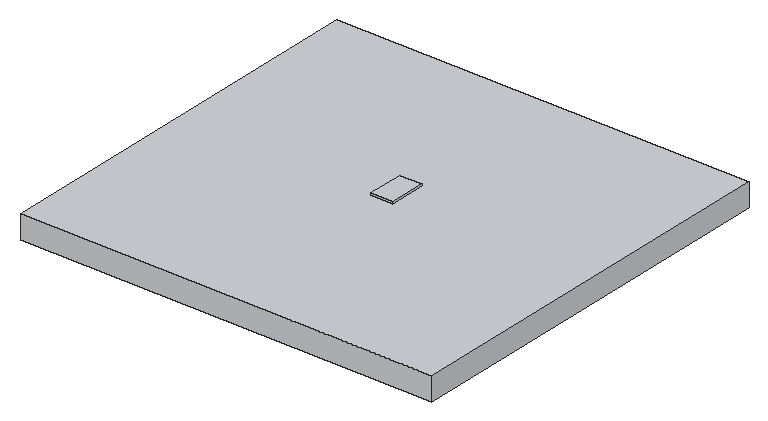
Revit family "c8e9268c49904ee79d5771db55f5433d", category Lighting Devices, host Face, Revit 2021
Family settings
  Host = Face
  Maintain Annotation Orientation = Yes
  Round Connector Dimension = Use Diameter
  Part Type = Switch
  OmniClass Number = 23.80.50.11.14
  OmniClass Title = Switches
  Seek Item ID = Weather Proof Switch-0000-USA-ENU
  Cut with Voids When Loaded = No
  Shared = No
  Room Calculation Point = No
Parameters (values of type "Standard")
  Switch Voltage = 120 V
  Switch Number of Poles = 1
  Load Classification = Other
  Label = "WP"
  Default Elevation = 4' - 0"
  Assembly Code = ""
  Apparent Load = 0 VA
Reference planes (in)
  plane 1 "Center (Front/Back)": y = 0
  plane 2: z = 0
  plane 3 "Center (Left/Right)": x = 0
  plane 4: x = -1.375
  plane 5: x = 1.375
  plane 6: x = -0.75
  plane 7: x = 0.75
  plane 8: y = 2.25
  plane 9: y = -2.25
  plane 10: y = 1.5
  plane 11: y = -1.5
  plane 12 "level above": z = 0.1875
  plane 13 "level below": z = -2.125
Forms (in)
  Extrusion 1, solid
    sketch origin (0, 0, 0) x (1, 0, 0) y (0, 1, 0)
      loop
        line (-25.375, 22.5) -> (-25.375, -26.25) -> (25.375, -26.25) -> (25.375, 22.5) -> (-25.375, 22.5)
    from 0 to -2.86111
  Extrusion 2, solid
    sketch origin (0, 0, 0) x (1, 0, 0) y (0, 1, 0)
      loop
        line (-1.375, 2.25) -> (-1.375, -2.25) -> (1.375, -2.25) -> (1.375, 2.25) -> (-1.375, 2.25)
    from 0 to 0.1875
  Extrusion 3, solid
    sketch origin (0, 0, 0) x (1, 0, 0) y (0, 1, 0)
      loop
        line (-0.75, 1.5) -> (-0.75, -1.5) -> (0.75, -1.5) -> (0.75, 1.5) -> (-0.75, 1.5)
    from 0 to -2.125
Lines and regions (in)
  symbolic lines, detail levels fine
    curve 1: line (-1.375, 0, 0.1875) -> (1.375, 0, 0.1875)
    curve 2: line (-1.375, 0, 0) -> (-1.375, 0, 0.1875)
    curve 3: line (1.375, 0, 0) -> (-1.375, 0, 0)
    curve 4: line (1.375, 0, 0.1875) -> (1.375, 0, 0)
    curve 5: line (-0.75, 0, -2.125) -> (0.75, 0, -2.125)
    curve 6: line (-0.75, 0, 0) -> (-0.75, 0, -2.125)
    curve 7: line (0.75, 0, -2.125) -> (0.75, 0, 0)
Dimensions and locks (in)
  equal spacing: plane 6, plane 3 "Center (Left/Right)", plane 7, locked at 0.75 each
  locked: plane 6 to plane 7 at 1.5
  equal spacing: plane 4, plane 3 "Center (Left/Right)", plane 5, locked at 1.375 each
  locked: plane 4 to plane 5 at 2.75
  locked: plane 8 to plane 9 at 4.5
  locked: plane 12 "level above" to level at 0.1875
  locked: level to plane 13 "level below" at 2.125
  locked: plane 10 to plane 11 at 3
  equal spacing: plane 10, plane 1 "Center (Front/Back)", plane 11, locked at 1.5 each
  equal spacing: plane 8, plane 1 "Center (Front/Back)", plane 9, locked at 2.25 each
  aligned and locked: plane 2 to Extrusion 1
  aligned and locked: level to Extrusion 1
  aligned and locked: plane 8 to Extrusion 2
  aligned and locked: Extrusion 2 to plane 9
  aligned and locked: plane 5 to Extrusion 2
  aligned and locked: Extrusion 2 to plane 4
  aligned and locked: Extrusion 2 to level
  aligned and locked: plane 12 "level above" to Extrusion 2
  aligned and locked: plane 10 to Extrusion 3
  aligned and locked: Extrusion 3 to plane 6
  aligned and locked: plane 7 to Extrusion 3
  aligned and locked: Extrusion 3 to plane 11
  aligned and locked: Extrusion 3 to level
  aligned and locked: Extrusion 3 to plane 13 "level below"
  aligned and locked: plane 3 "Center (Left/Right)" to nested 1
  aligned and locked: plane 1 "Center (Front/Back)" to nested 1
  aligned and locked: curve 1 to plane 12 "level above"
  aligned and locked: plane 2 to curve 3
  aligned and locked: curve 5 to plane 13 "level below"
Automatic sketch dimensions
  Extrusion 2 sketch curve to plane 4 = 0' - 0"
  Extrusion 2 sketch curve to plane 5 = 0' - 0"
  Extrusion 2 sketch curve to plane 9 = 0' - 0"
  Extrusion 2 sketch curve to plane 8 = 0' - 0"
  Extrusion 3 sketch curve to plane 6 = 0' - 0"
  Extrusion 3 sketch curve to plane 7 = 0' - 0"
  Extrusion 3 sketch curve to plane 11 = 0' - 0"
  Extrusion 3 sketch curve to plane 10 = 0' - 0"
  Extrusion 1 sketch curve to Extrusion 1 sketch curve = 4' - 2 3/4"
  Extrusion 1 sketch curve to Extrusion 1 sketch curve = 4' - 0 3/4"
  curve 2 to plane 4 = 0' - 0"
  curve 3 to plane 5 = 0' - 0"
  plane 4 to curve 7 = 0' - 2 1/8"
  curve 5 to curve 5 = 0' - 1 1/2"
Nested families (in)
  nested 1: "Switch Annotation" at (0, 0, 0), type "Switch Annotation", detail levels coarse+medium
Connectors (in)
  electrical at (0, 1.5, -1.0625), driven by "Switch Voltage", driven by "Apparent Load", driven by "Switch Number of Poles", driven by "Load Classification"
    settings: on Extrusion 3, index 1, voltage 120 V, apparent load 0 VA, apparent load phase1 0 VA, apparent load phase2 0 VA, apparent load phase3 0 VA, power factor 1, load classification "Other", number of poles 1, system type 31, power factor state 1, is connector primary yes, connector utility no, sub classification motor no, connector description ""
Definition of nested family "Switch Annotation"
  Parameters
    Label = "WP"
  Reference planes (in)
    plane 1: y = 0
    plane 2: x = 0
  Lines and regions (in)
    detail lines
      curve 1: line (0, 0.125, 0) -> (0, 0, 0)
      curve 3: arc (0.01506, 0.11153, 0) -> (-0.02442, 0.09683, 0) -> (0, 0.0625, 0) r 0.02655
      curve 4: arc (0, 0.0625, 0) -> (0.01543, 0.02147, 0) -> (-0.02827, 0.02483, 0) r 0.02599
    reference lines
      curve 2: line (0, 0.0625, 0) -> (-0.11983, 0.0625, 0)
      curve 5: line (0.10095, -0.04722, 0) -> (0.10095, 0.09386, 0)
      curve 6: line (0.10095, -0.04722, 0) -> (0.28349, -0.04722, 0)
      curve 7: line (0.10095, 0.04579, 0) -> (0.31014, 0.04579, 0)
  Text (in)
    label "2" at (0.02544, -0.00499, 0), shows "Label"
  Dimensions and locks (in)
    locked: curve 6 to curve 7 at 0.09301
    locked: curve 1 to curve 5 at 0.10095
    locked: curve 1 to curve 1 at 0.125
    locked: plane 1 to curve 2 at 0.0625
    aligned and locked: curve 1 to curve 2
    aligned and locked: curve 3 to curve 2
    aligned and locked: curve 4 to curve 2
    aligned and locked: plane 1 to curve 1
    aligned and locked: curve 1 to plane 2
    aligned and locked: plane 2 to curve 1
